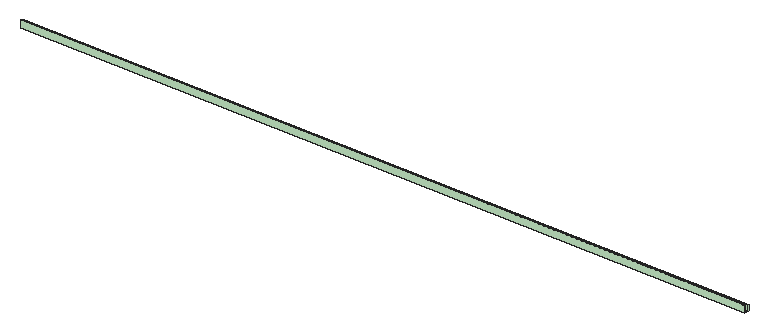
Revit family "sqrunner_20", category 機械設備, Revit 2022
Family settings
  丸型コネクタ寸法 = 直径を使用
  種別 = なし
  パーツ タイプ = 標準
  作業面ベース = いいえ
  常に垂直 = はい
  ロード時にボイドで切り取り = いいえ
  注釈の向きを維持 = いいえ
  共有 = いいえ
  部屋計算ポイント = いいえ
Parameters
  製造元 = "株式会社桐井製作所"
  既定の高さ = 0 mm
  URL = "https://www.kirii.co.jp/"
  K_長さ(mm) [instance] = 4000 mm
  K_材質 = "SGCC　一般用"
  K_外形寸法(mm) = "22×40×30"
  K_品名 = "SQ-ランナー20"
  K_名称 = "角型スタッド用ランナー"
  K_バージョン情報 = "20210524"
  K_めっき付着量 = "Z08"
  K_JIS規格 = "JIS G 3302"
Reference planes
  plane 1 "中心(正面/背面)": y = 0
  plane 2: z = 0
  plane 3 "中心(左/右)": x = 0
  plane 4: x = 4000
  plane 5: y = 11
  plane 6: y = -11
Forms (mm)
  Extrusion 1, solid
    sketch origin (0, 0, 0) x (0, 1, 0) y (0, 0, 1)
      loop
        line (-11, 0) -> (11, 0) -> (11, 30) -> (10.2, 30) -> (10.2, 0.8) -> (-10.2, 0.8) -> (-10.2, 40) -> (-11, 40) -> (-11, 0)
    from 0 to 4000
Dimensions and locks
  "K_長さ(mm)": plane 3 "中心(左/右)" to plane 4
  aligned and locked: level to plane 2
  aligned and locked: plane 4 to Extrusion 1
  aligned and locked: Extrusion 1 to plane 4
Automatic sketch dimensions
  Extrusion 1 sketch curve to level = 0 mm
  Extrusion 1 sketch curve to plane 6 = 0 mm
  Extrusion 1 sketch curve to Extrusion 1 sketch curve = 0.8 mm  (x2)
  level to Extrusion 1 sketch curve = 0.8 mm
  Extrusion 1 sketch curve to Extrusion 1 sketch curve = 39.2 mm
  Extrusion 1 sketch curve to Extrusion 1 sketch curve = 29.2 mm
  Extrusion 1 sketch curve to plane 5 = 0 mm
